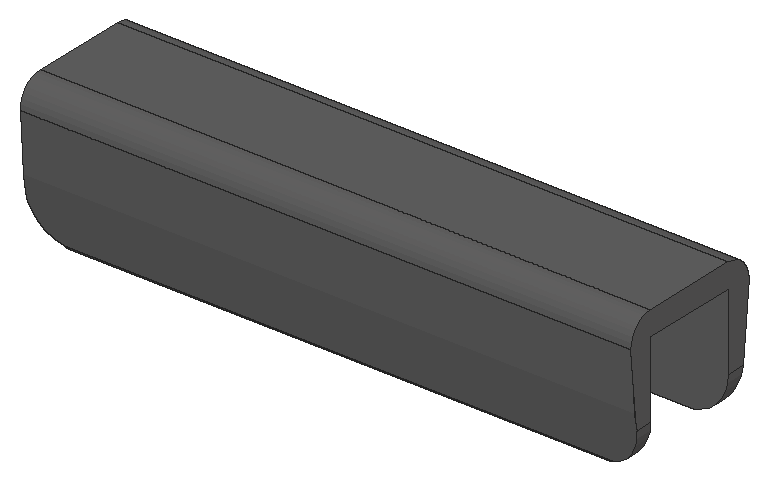
Revit family "Accessories-Mounted-Teknion-JNABCF-Seat_Pad-R2015", category Furniture, Revit 2015
Parameters (values of type "21" Width")
  Width = 21.000"
  Warranty = "http://www.teknion.com/ca/papers/legal-canada"
  Unit Weight URL = "http://www.teknion.com/ca/tools/assets#&asset=bee6a381-b954-425e-8283-5a2de3a804f2,f828d448-4b62-4231-9e5f-9a8991c0ed77"
  URL = "www.teknion.com"
  Sustainability Data = "http://www.teknion.com/ca/tools/assets#&topic=216f99a5-57a0-44fc-b10a-9dee9b29ae4c&asset=444deb64-fe58-4b68-981e-f75e97781df7"
  Series = "Expansion Cityline"  # constant formula
  Product Page URL = "http://www.teknion.com/ca/products/product-details?productlineid=9ad2a26e-8e7a-673b-a6c8-ff05004460c4"
  Product Line = "Expansion Cityline"  # constant formula
  Product Documentation Link = "http://www.teknion.com/pricing/expansion-cityline/pdfs/JNABCF_ppg.pdf"
  Part Number = "JNABCF"  # constant formula
  Note = "Available Widths are 21 and 36 inches."  # constant formula
  Model = "JNABCF21"
  Manufacturer Phone = "416-661-3370"  # constant formula
  Manufacturer Fax = "416.661.4586"  # constant formula
  Manufacturer Contact Information = "http://www.teknion.com/ca/contactus"
  Manufacturer Address = "1150 Flint Road, Toronto, ON. M3J 2J5. Canada"  # constant formula
  Manufacturer = "Teknion"  # constant formula
  Felt Finish [instance] = Fabric-Teknion-RB11-Carbon
  Description = "Beam-Mounted Seat Pad"  # constant formula
  Assembly Code = "E2020200"
Types (2): name | Width | Model
  21" Width | 21.000" | "JNABCF21"
  36" Width | 36.000" | "JNABCF36"
Reference planes (in)
  plane 1 "Center Front/Back": y = 0
  plane 2: z = 0
  plane 3 "Center Left/Right": x = 0
  plane 4 "Left": x = -10.5
  plane 5 "Right": x = 10.5
  plane 6 "Back": y = 2.51969
  plane 7 "Front": y = -2.51969
  plane 8 "Top": z = 28.18504
  plane 9: y = 3.76969
  plane 10: y = -3.76969
Forms (in)
  Extrusion 1, solid, material "Fabric-Teknion-RB11-Carbon" <- "Felt Finish"
    sketch origin (-10.5, 0, 0) x (0, 1, 0) y (0, 0, 1)
      loop
        arc (-1.65354, 29.01181) -> (-2.266, 28.75812) -> (-2.51969, 28.14567) r 0.86614
        arc (-2.51969, 28.14567) -> (-2.38072, 26.10398) -> (-1.96637, 24.09995) r 15.06733
        arc (-1.96637, 24.09995) -> (-1.92867, 24.05584) -> (-1.87303, 24.03937) r 0.10219
        line (-1.87303, 24.03937) -> (-1.69291, 24.03937) -> (-1.69291, 28.18504) -> (1.69291, 28.18504) -> (1.69291, 24.03937) -> (1.87303, 24.03937)
        arc (1.87303, 24.03937) -> (1.92867, 24.05584) -> (1.96637, 24.09995) r 0.10219
        arc (1.96637, 24.09995) -> (2.38072, 26.10398) -> (2.51969, 28.14567) r 15.06733
        arc (2.51969, 28.14567) -> (2.266, 28.75812) -> (1.65354, 29.01181) r 0.86614
        line (1.65354, 29.01181) -> (-1.65354, 29.01181)
    from 0 to 21
  Extrusion 2, void
    sketch origin (0, 0, 0) x (1, 0, 0) y (0, 0, 1)
      loop
        line (-10.5, 25.53543) -> (-10.5, 24.03937) -> (-9.00394, 24.03937)
        arc (-9.00394, 24.03937) -> (-10.06181, 24.47756) -> (-10.5, 25.53543) r 1.49606
    from -3.76969 to 3.76969
  Extrusion 3, void
    sketch origin (0, 0, 0) x (-1, 0, 0) y (0, 0, -1)
      loop
        arc (-10.5, -25.53543) -> (-10.06181, -24.47756) -> (-9.00394, -24.03937) r 1.49606
        line (-9.00394, -24.03937) -> (-10.5, -24.03937) -> (-10.5, -25.53543)
    from -3.76969 to 3.76969
Cuts and joins
  Extrusion 2, Extrusion 3 cuts Extrusion 1
Lines and regions (in)
  Masking region 1
    outline origin (0, 0, 0) x (1, 0, 0) y (0, 1, 0)
      loop
        line (-10.5, 2.51969) -> (-10.5, -2.51969) -> (10.5, -2.51969) -> (10.5, 2.51969) -> (-10.5, 2.51969)
  symbolic lines, detail levels medium+fine
    curve 1: line (-10.5, 1.69291, 0) -> (10.5, 1.69291, 0)
    curve 2: line (10.5, -1.69291, 0) -> (-10.5, -1.69291, 0)
  symbolic lines, detail levels fine
    curve 3: line (9.42535, 1.96637, 0) -> (-9.42535, 1.96637, 0)
    curve 4: line (-9.42535, 1.96637, 0) -> (-9.821, 2.51969, 0)
    curve 5: line (-9.821, 2.51969, 0) -> (10.5, 2.51969, 0)
    curve 6: line (10.5, 2.51969, 0) -> (10.5, 2.29187, 0)
    curve 7: line (10.5, 2.29187, 0) -> (9.42535, 1.96637, 0)
    curve 8: line (9.42535, -1.96637, 0) -> (10.5, -2.29187, 0)
    curve 9: line (-9.42535, -1.96637, 0) -> (9.42535, -1.96637, 0)
    curve 10: line (-10.5, -2.29187, 0) -> (-9.42535, -1.96637, 0)
Dimensions and locks (in)
  "Width": plane 4 "Left" to plane 5 "Right"
  locked: plane 6 "Back" to plane 7 "Front" at 5.03937
  plane 8 "Top" to level = 28.18504"
  equal spacing: plane 4 "Left", plane 3 "Center Left/Right", plane 5 "Right"
  plane 8 "Top" to plane 2 = 28.18504"
  locked: plane 6 "Back" to Extrusion 1 sketch curve at 0.82677
  locked: Extrusion 1 sketch curve to plane 7 "Front" at 0.82677
  plane 8 "Top" to Extrusion 1 sketch curve to Extrusion 1 sketch curve to Extrusion 1 sketch curve to Extrusion 1 sketch curve = 4.04348" locked, 0.000" locked, 0.10219" locked, 0.000" locked
  Extrusion 1 sketch curve to plane 8 "Top" to Extrusion 1 sketch curve to Extrusion 1 sketch curve = 0.82677" locked, 0.03937" locked, 0.000" locked
  locked: plane 8 "Top" to Extrusion 2 sketch curve at 4.14567
  locked: Extrusion 2 sketch curve to plane 4 "Left" at 1.49606
  locked: plane 8 "Top" to Extrusion 2 sketch curve at 2.64961
  locked: plane 10 to plane 7 "Front" at 1.25
  locked: plane 9 to plane 6 "Back" at 1.25
  Extrusion 3 sketch curve to Extrusion 3 sketch curve to plane 8 "Top" = 1.49606" locked, 2.64961" locked
  locked: Extrusion 3 sketch curve to plane 5 "Right" at 1.49606
  plane 6 "Back" to Extrusion 1 sketch curve to Extrusion 1 sketch curve to Extrusion 1 sketch curve = 0.64665" locked, 0.21949" locked, 14.20119" locked
  Extrusion 1 sketch curve to Extrusion 1 sketch curve to Extrusion 1 sketch curve to plane 10 = 14.20119" locked, 0.21949" locked, 1.89665" locked
  aligned and locked: level to plane 2
  aligned and locked: Extrusion 1 sketch curve to plane 8 "Top"
  aligned and locked: Extrusion 1 to plane 5 "Right"
  aligned and locked: Extrusion 1 to plane 4 "Left"
  aligned and locked: Extrusion 2 sketch curve to plane 4 "Left"
  aligned and locked: plane 9 to Extrusion 2
  aligned and locked: Extrusion 2 to plane 10
  aligned and locked: Extrusion 3 to plane 9
  aligned and locked: plane 10 to Extrusion 3
  aligned and locked: Extrusion 3 sketch curve to plane 5 "Right"
  aligned and locked: Masking region 1 sketch curve to plane 6 "Back"
  aligned and locked: Masking region 1 sketch curve to plane 4 "Left"
  aligned and locked: Masking region 1 sketch curve to plane 7 "Front"
  aligned and locked: Masking region 1 sketch curve to plane 5 "Right"
Automatic sketch dimensions
  Extrusion 1 sketch curve to plane 7 "Front" = 0.000"
  Extrusion 1 sketch curve to plane 6 "Back" = 0.000"
  Extrusion 2 sketch curve to Extrusion 2 sketch curve = 0.000"
  Extrusion 3 sketch curve to Extrusion 3 sketch curve = 0.000"
  curve 1 to plane 4 "Left" = 0.000"
  curve 1 to plane 5 "Right" = 0.000"
  curve 2 to plane 4 "Left" = 0.000"
  curve 2 to plane 5 "Right" = 0.000"
  curve 6 to plane 5 "Right" = 0.000"
  plane 4 "Left" to curve 4 = 0.679"
  curve 5 to curve 3 = 0.39565"
  plane 5 "Right" to curve 3 = 1.07465"
  curve 6 to plane 6 "Back" = 0.22782"
  curve 8 to plane 5 "Right" = 0.000"
  plane 5 "Right" to curve 8 = 1.07465"
  plane 4 "Left" to curve 9 = 1.07465"
  curve 8 to plane 7 "Front" = 0.22782"
  curve 10 to plane 4 "Left" = 0.000"
  curve 10 to plane 7 "Front" = 0.22782"
  curve 4 to plane 6 "Back" = 0.000"
  curve 9 to plane 7 "Front" = 0.55332"
  curve 4 to plane 6 "Back" = 0.55332"
  curve 8 to curve 2 = 0.59895"
  curve 1 to curve 6 = 0.59895"
